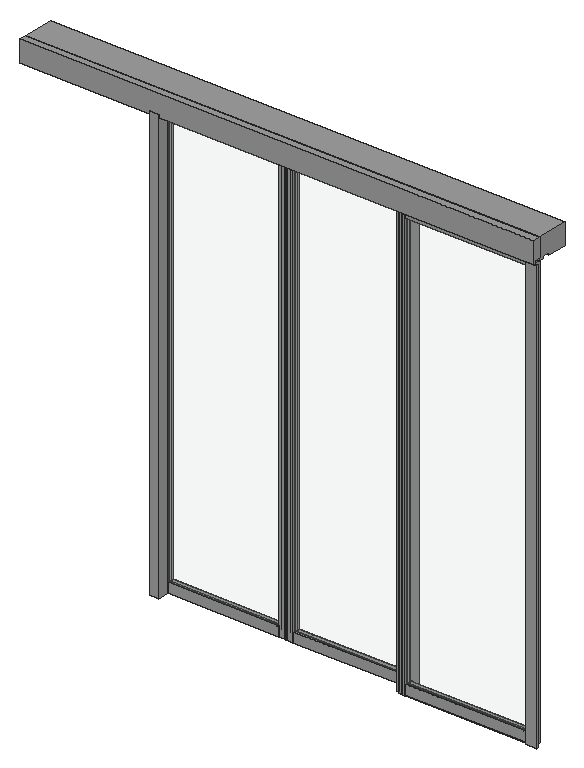
Revit family "agtatec_Record_SldngDrset_D-STA_Standalone", category Doors, Revit 2015
Parameters (values of type "D-STA 108 mm drive unit height - side panel left")
  WithoutSidePanels = and(not(RightPanel), not(LeftPanel))  # no
  WithoutDriveCladding(OnlyApplicableForTypesWithoutSidePanels) = not(WithDriveCladding)  # no
  WithinStandardSizes = and(OpeningWidth > 799.90 mm, OpeningWidth < 3000.10 mm, ClearHeightOfPassage < 3000.10 mm, ClearHeightOfPassage > 1999.90 mm)  # yes
  WithSidePanels = and(RightPanel, LeftPanel)  # no
  WithDriveCladding = yes
  Weight = "Depends on configuration and size"
  WarrantyDurationUnit = "Depends on country"
  WallOpeningWidth = if(and(RightPanel, LeftPanel), OpeningWidth + SidePanelWidthRight + SidePanelWidthLeft, if(RightPanel, OpeningWidth + SidePanelWidthRight, if(LeftPanel, OpeningWidth + SidePanelWidthLeft, OpeningWidth)))  # 1900.00 mm
  WallMountingRight = and(WallMountingProfile, RightPanel)  # no
  WallMountingProfile = yes
  WallMountingLeft = and(WallMountingProfile, LeftPanel)  # yes
  TotalWidth = if(WithSidePanels, SidePanelWidthLeft + SidePanelWidthRight + OpeningWidth, if(RightPanel, SidePanelWidthRight + OpeningWidth + 44.00 mm, if(LeftPanel, SidePanelWidthLeft + OpeningWidth + 44.00 mm, OpeningWidth + 109.00 mm)))  # 1944.00 mm
  TotalHeight = ClearHeightOfPassage + DriveUnitHeight  # 2295.00 mm
  Thickness = 0.00 mm
  SustainabilityPerformance = "n/a"
  SupportLength = SidePanelWidthLeft + SidePanelWidthRight + OpeningWidth + DriveUnitExtraWidthRight + DriveUnitExtraWidthLeft  # 2600.00 mm
  SidePanelWidthRight = OpeningWidth / 2 + 100.00 mm + ExtraRight  # 700.00 mm
  SidePanelWidthLeft = OpeningWidth / 2 + 100.00 mm + ExtraLeft  # 700.00 mm
  SidePanelMinimumStandard = InnerPanelWidth  # 632.00 mm
  ServiceLifeType = "n/a"
  SecurityRating = "None"
  RightPanel = no
  Revision = "n/a"
  ProductInformation = "www.agta-record.com"
  Process = "n/a"
  PassageMountingRight = and([PassageMountingProfile(OnlyApplicableForTypesWithTwoSidePanels)], RightPanel)  # no
  PassageMountingProfile(OnlyApplicableForTypesWithTwoSidePanels) = not(WallMountingProfile)  # no
  PassageMountingLeft = and([PassageMountingProfile(OnlyApplicableForTypesWithTwoSidePanels)], LeftPanel)  # no
  PanelHeight = ClearHeightOfPassage + 13.00 mm  # 2200.00 mm
  PanelFrames = agtatec_Record_Sliding Door, Aluminium
  PanelFill = agtatec_Record_Sliding Door, Laminated Safety Glass (Clear)
  OuterPanelWidthRight = OpeningWidth / 2 + 73.00 mm + ExtraRight  # 673.00 mm
  OuterPanelWidthLeft = OpeningWidth / 2 + 73.00 mm + ExtraLeft  # 673.00 mm
  OpeningWidth = 1200.00 mm
  Name = "SldngDrset_D-STA_Standalone_Record"
  NBSTypeID = "n/a"
  NBSReference = "25-50-20/175"
  NBSOfficeMasterTag = "n/a"
  NBSNote = "n/a"
  NBSDescription = "Sliding Doorset"
  NBSCertification = "n/a"
  ModelNumber = "n/a"
  ModelLabel = "n/a"
  MethodOfMeasurement = "n/a"
  ManufacturerName = "Record"
  LeftPanel = yes
  InterlancingProfileRight = not(and(RightPanel, (WallOpeningWidth > OpeningWidth)))  # yes
  InterlancingProfileLeft = not(and(LeftPanel, (WallOpeningWidth > OpeningWidth)))  # no
  InterlancingProfileHeight = PanelHeight - 5.00 mm  # 2195.00 mm
  InstallationDate [instance] = "1900-12-31T23:59:59"
  InnerPanelWidth = (OpeningWidth / 2) + 32.00 mm  # 632.00 mm
  IfcExportType = "Door"
  IfcExportAs = "IfcDoorStyle"
  Grade = "n/a"
  GlazingAreaFraction = "Depends on size. Can be calculated"
  FloorGuide = agtatec_Record_Sliding Door, Stainless Steel
  FireRating = "None"
  Features = "n/a"
  ExtraWidthRight = 0.00 mm
  ExtraWidthLeft = 0.00 mm
  ExtraRight = if(not(RightPanel), 0.00 mm, ExtraWidthRight)  # 0.00 mm
  ExtraLeft = if(not(LeftPanel), 0.00 mm, ExtraWidthLeft)  # 0.00 mm
  ExpectedLife = "n/a"
  DurationUnit = "year"
  DriveUnitHeight = 108.00 mm
  DriveUnitExtraWidthRight = 0.00 mm
  DriveUnitExtraWidthLeft = 0.00 mm
  DriveUnitCenterDistance = (OpeningWidth / 2) + SidePanelWidthRight + DriveUnitExtraWidthRight  # 1300.00 mm
  DriveUnit = agtatec_Record_Sliding Door, Sheet Metal (Painted Steel)
  DriveDepth2 = if([WithoutDriveCladding(OnlyApplicableForTypesWithoutSidePanels)], 0.00 mm, 37.00 mm)  # 37.00 mm
  DriveDepth = if([WithoutDriveCladding(OnlyApplicableForTypesWithoutSidePanels)], 157.00 mm, 194.00 mm)  # 194.00 mm
  DoorOpeningRestriction = if(DoorOpening > OpeningWidth, OpeningWidth, DoorOpening)  # 0.00 mm
  DoorOpening1 = DoorOpeningRestriction / 2  # 0.00 mm
  DoorOpening = 0.00 mm
  Width = TotalWidth  # 1944.00 mm
  WarrantyStartDate [instance] = "1900-12-31T23:59:59"
  WarrantyGuarantorParts = "Local door manufacturer"
  WarrantyGuarantorLabour = "Local door manufacturer"
  WarrantyDurationParts = "Depends on country"
  WarrantyDurationLabour = "Depends on country"
  WarrantyDescription = "Depends on country"
  Version = "Version 1.0"
  Uniclass2 = "Ss_25_30_20_77"
  URL = "www.agta-record.com"
  Type Comments = "n/a"
  ThresholdStripping = "No additional required, part of the doorset"
  ThresholdRequired = yes
  ThermalTransmittance = 0
  TagNumber [instance] = "n/a"
  SmokeStop = no
  Size = "n/a"
  Shape = "Rectangular"
  ServiceLifeDuration = "10-15 years"
  SerialNumber [instance] = "n/a"
  SelfClosing = yes
  Rough Width = TotalWidth + 6.00 mm  # 1950.00 mm
  Rough Height = TotalHeight + 6.00 mm  # 2301.00 mm
  ReplacementCost = "Depends on the configuration and door type"
  ReferenceStandard = "EN16005, EN16361, DIN 18650, etc."
  Reference = "n/a"
  ProductionYear = "n/a"
  PassageWidthOptions = "n/a"
  Operation = "Automatic"
  NominalWidth = SupportLength  # 2600.00 mm
  NominalLength = 0.00 mm
  NominalHeight = TotalHeight  # 2295.00 mm
  ModelReference = "Depends on the configuration"
  Model = "record Standard Linear Slider"
  Material = "Aluminium"
  ManufacturerURL = "www.agta-record.com"
  Manufacturer = "info@recorduk.co.uk"
  LeafColourOptions = "All RAL, customer specific"
  Keynote = "n/a"
  IssueDate = "n/a"
  IsExternal = yes
  Infiltration = "n/a"
  Height = TotalHeight  # 2295.00 mm
  HasDrive = yes
  HandicapAccessible = yes
  GlassType = "Part of glazing spec"
  GlassThickness2 = "6 mm (default)"
  GlassThickness1 = "6 mm (default)"
  GlassLayers = 2
  Function = Exterior
  FrameSeal = yes
  FrameProfile = "Aluminium"
  FrameMaterial = "Aluminium"
  FrameFinishOptions = "n/a"
  FireExit = no
  Finish = "Powder coated, Anodized, customer specific"
  ElectronicLock = yes
  DoorsetOperation = "Automatic"
  DoorsetFasteners = "Screws"
  DoorSeal = "yes"
  DoorNumber = "n/a"
  DoorIncluded = yes
  Documentation = "n/a"
  DocumentReference = "n/a"
  DistanceToWall = if([WithoutDriveCladding(OnlyApplicableForTypesWithoutSidePanels)], 20.00 mm, 57.00 mm)  # 57.00 mm
  Description = "Automatic Sliding Door"
  Cost = 0
  Controller = "n/a"
  Construction Type = "Automatic Sliding Door"
  Constituents = "n/a"
  Configuration = "1 or 2"
  Colour = "Customer specific"
  CodePerformance = "n/a"
  ClearanceZones = no
  ClearanceZoneRight = if(or(not(WallMountingProfile), not(RightPanel), DriveUnitExtraWidthRight > 0.00 mm), ((OpeningWidth / 2) + SidePanelWidthRight + DriveUnitExtraWidthRight), ((OpeningWidth / 2) + SidePanelWidthRight + DriveUnitExtraWidthRight + 16.00 mm))  # 1300.00 mm
  ClearanceZoneLeft = if(or(not(WallMountingProfile), not(LeftPanel), DriveUnitExtraWidthLeft > 0.00 mm), ((OpeningWidth / 2) + SidePanelWidthLeft + DriveUnitExtraWidthLeft), ((OpeningWidth / 2) + SidePanelWidthLeft + DriveUnitExtraWidthLeft + 16.00 mm))  # 1316.00 mm
  ClearHeightOfPassage = 2187.00 mm
  CladdingVoid = if(WithoutSidePanels, 8.85 mm, 40.85 mm)  # 40.85 mm
  CladdingProfile = not([WithoutDriveCladding(OnlyApplicableForTypesWithoutSidePanels)])  # yes
  CenterOfDoor = SupportLength / 2  # 1300.00 mm
  Category = "n/a"
  BreakoutFacility = "n/a"
  BarCode [instance] = "n/a"
  BIMObjectName = "agtatec_Record_SlidingDoorset_D-STA_Standalone"
  Author = "agtatec"
  AssetType = "n/a"
  AssetIdentifier [instance] = "n/a"
  Assembly Code = "B2030110"
  AntiFingerTrapRequirement = yes
  AlternativeDoorsetGlazing = "Part of glazing spec"
  AcousticRating = "None"
  AccessoryOptions = "Contact manufacturer"
  AccessibilityPerformance = "n/a"
Types (12, lengths in mm): name | WithoutSidePanels | WithSidePanels | WallOpeningWidth | WallMountingRight | WallMountingLeft | TotalWidth | TotalHeight | RightPanel | LeftPanel | InterlancingProfileRight | InterlancingProfileLeft | DriveUnitHeight | Width | Rough Width | Rough Height | NominalHeight | Height | ClearanceZoneRight | ClearanceZoneLeft | CladdingVoid
  D-STA 150 mm drive unit height - with two side panels | no | yes | 2600.00 | yes | yes | 2600.00 | 2337.00 | yes | yes | no | no | 150.00 | 2600.00 | 2606.00 | 2343.00 | 2337.00 | 2337.00 | 1316.00 | 1316.00 | 40.85
  D-STA 108 mm drive unit height - side panel left | no | no | 1900.00 | no | yes | 1944.00 | 2295.00 | no | yes | yes | no | 108.00 | 1944.00 | 1950.00 | 2301.00 | 2295.00 | 2295.00 | 1300.00 | 1316.00 | 40.85
  D-STA 108 mm drive unit height - side panel right | no | no | 1900.00 | yes | no | 1944.00 | 2295.00 | yes | no | no | yes | 108.00 | 1944.00 | 1950.00 | 2301.00 | 2295.00 | 2295.00 | 1316.00 | 1300.00 | 40.85
  D-STA 108 mm drive unit height - with two side panels | no | yes | 2600.00 | yes | yes | 2600.00 | 2295.00 | yes | yes | no | no | 108.00 | 2600.00 | 2606.00 | 2301.00 | 2295.00 | 2295.00 | 1316.00 | 1316.00 | 40.85
  D-STA 150 mm drive unit height - side panel left | no | no | 1900.00 | no | yes | 1944.00 | 2337.00 | no | yes | yes | no | 150.00 | 1944.00 | 1950.00 | 2343.00 | 2337.00 | 2337.00 | 1300.00 | 1316.00 | 40.85
  D-STA 150 mm drive unit height - side panel right | no | no | 1900.00 | yes | no | 1944.00 | 2337.00 | yes | no | no | yes | 150.00 | 1944.00 | 1950.00 | 2343.00 | 2337.00 | 2337.00 | 1316.00 | 1300.00 | 40.85
  D-STA 108 mm drive unit height - without side panels | yes | no | 1200.00 | no | no | 1309.00 | 2295.00 | no | no | yes | yes | 108.00 | 1309.00 | 1315.00 | 2301.00 | 2295.00 | 2295.00 | 1300.00 | 1300.00 | 8.85
  D-STA 150 mm drive unit height - without side panels | yes | no | 1200.00 | no | no | 1309.00 | 2337.00 | no | no | yes | yes | 150.00 | 1309.00 | 1315.00 | 2343.00 | 2337.00 | 2337.00 | 1300.00 | 1300.00 | 8.85
  D-STA 200 mm drive unit height - side panel left | no | no | 1900.00 | no | yes | 1944.00 | 2387.00 | no | yes | yes | no | 200.00 | 1944.00 | 1950.00 | 2393.00 | 2387.00 | 2387.00 | 1300.00 | 1316.00 | 40.85
  D-STA 200 mm drive unit height - side panel right | no | no | 1900.00 | yes | no | 1944.00 | 2387.00 | yes | no | no | yes | 200.00 | 1944.00 | 1950.00 | 2393.00 | 2387.00 | 2387.00 | 1316.00 | 1300.00 | 40.85
  D-STA 200 mm drive unit height - with two side panels | no | yes | 2600.00 | yes | yes | 2600.00 | 2387.00 | yes | yes | no | no | 200.00 | 2600.00 | 2606.00 | 2393.00 | 2387.00 | 2387.00 | 1316.00 | 1316.00 | 40.85
  D-STA 200 mm drive unit height - without side panels | yes | no | 1200.00 | no | no | 1309.00 | 2387.00 | no | no | yes | yes | 200.00 | 1309.00 | 1315.00 | 2393.00 | 2387.00 | 2387.00 | 1300.00 | 1300.00 | 8.85
Reference planes
  plane 1 "Center (Front/Back)": y = 0
  plane 2: z = 0
  plane 3 "Ex Center (Left/Right)": x = 0
  plane 4: x = -1260
  plane 5: x = 1260
  plane 6: y = 5
  plane 7: y = 101
  plane 8: x = 0
  plane 9: x = 0
  plane 10: x = -1300
  plane 11: x = 1300
  plane 12: z = 2295
  plane 13: z = 2187
  plane 14: z = 2545.08
  plane 15: x = 600
  plane 16: x = 612
  plane 17 "Drive Unit Center Ref": x = -1300
  plane 18: z = 2315
  plane 19: y = 302
  plane 20 "Clearance Zone Right": x = 1300
  plane 21 "Reference": z = 270
  plane 22 "2D Lines": z = 100
  plane 23: x = -632
  plane 24: y = 57
  plane 25: x = 632
  plane 26: y = 45.85
  plane 27: x = -600
  plane 28: x = -612
  plane 29: y = 194
  plane 30 "Center (Left/Right)": x = 0
  plane 31 "ClearanceZoneLeft": x = 1316
  plane 32: x = -1300
Forms (mm)
  Extrusion 1, solid, material "agtatec_Record_Sliding Door, Aluminium" <- "PanelFrames", visible <- "WallMountingRight"
    sketch origin (0, 0, 0) x (1, 0, 0) y (0, 1, 0)
      loop
        line (-1260, 3) -> (-1297, 3) -> (-1297, 38) -> (-1260, 38) -> (-1260, 40) -> (-1300, 40) -> (-1300, 4) -> (-1316, 4) -> (-1316, 0) -> (-1260, 0) -> (-1260, 3)
    from 0 to 2187
  Extrusion 2, solid, material "agtatec_Record_Sliding Door, Aluminium" <- "PanelFrames", visible <- "WallMountingLeft"
    sketch origin (0, 0, 0) x (-1, 0, 0) y (0, -1, 0)
      loop
        line (-1260, -3) -> (-1260, 0) -> (-1316, 0) -> (-1316, -4) -> (-1300, -4) -> (-1300, -40) -> (-1260, -40) -> (-1260, -38) -> (-1297, -38) -> (-1297, -3) -> (-1260, -3)
    from 0 to 2187
  Extrusion 3, solid, material "Clearance Zones", visible <- "ClearanceZones"
    sketch origin (0, 0, 0) x (0, 1, 0) y (0, 0, 1)
      loop
        line (302, 2315) -> (0, 2315) -> (0, 0) -> (302, 0) -> (302, 2315)
    from -1300 to 1316
  Extrusion 4, solid, material "agtatec_Record_Sliding Door, Aluminium" <- "PanelFrames", visible <- "PassageMountingRight"
    sketch origin (0, 0, 0) x (1, 0, 0) y (0, 1, 0)
      loop
        line (-1260, 40) -> (-1300, 40) -> (-1300, 0) -> (-1260, 0) -> (-1260, 3) -> (-1297, 3) -> (-1297, 38) -> (-1260, 38) -> (-1260, 40)
    from 0 to 2187
  Extrusion 5, solid, material "agtatec_Record_Sliding Door, Aluminium" <- "PanelFrames", visible <- "PassageMountingLeft"
    sketch origin (0, 0, 0) x (1, 0, 0) y (0, 1, 0)
      loop
        line (1260, 40) -> (1260, 38) -> (1297, 38) -> (1297, 3) -> (1260, 3) -> (1260, 0) -> (1300, 0) -> (1300, 40) -> (1260, 40)
    from 0 to 2187
  Extrusion 6, solid, material "agtatec_Record_Sliding Door, Sheet Metal (Painted Steel)" <- "DriveUnit"
    sketch origin (-1300, -4572, 3266.057) x (0, 0, 1) y (0, -1, 0)
      loop
        line (-971.057, -4609) -> (-1079.057, -4609) -> (-1079.057, -4626) -> (-1066.057, -4626) -> (-1066.057, -4668) -> (-1079.057, -4668) -> (-1079.057, -4766) -> (-971.057, -4766) -> (-971.057, -4609)
    from 0 to 2600 <- "SupportLength"
  Extrusion 7, solid, material "agtatec_Record_Sliding Door, Sheet Metal (Painted Steel)" <- "DriveUnit", visible <- "CladdingProfile"
    sketch origin (-1300, -4572, 3266.057) x (0, 0, 1) y (0, -1, 0)
      loop
        line (-971.057, -4572) -> (-1079.057, -4572) -> (-1079.057, -4609) -> (-971.057, -4609) -> (-971.057, -4572)
    from 0 to 2600 <- "SupportLength"
  Extrusion 8, void
    sketch origin (-1256.5, 45.85, 1200) x (1, 0, 0) y (0, 0, 1)
      loop
        line (-43.5, 1000) -> (-43.5, 987) -> (2556.5, 987) -> (2556.5, 1000) -> (-43.5, 1000)
    from 0 to 40.85 <- "CladdingVoid"
Cuts and joins
  Extrusion 8 cuts Extrusion 1
  Extrusion 8 cuts Extrusion 2
  Extrusion 8 cuts Extrusion 4
  Extrusion 8 cuts Extrusion 7
Lines and regions (mm)
  Masking region 1, visible <- "WallMountingLeft"
    outline origin (0, 0, 0) x (1, 0, 0) y (0, 1, 0)
      loop
        line (1260, 40) -> (1260, 38) -> (1297, 38) -> (1297, 3) -> (1260, 3) -> (1260, 0) -> (1316, 0) -> (1316, 4) -> (1300, 4) -> (1300, 40) -> (1260, 40)
  Masking region 2, visible <- "WallMountingRight"
    outline origin (0, 0, 0) x (1, 0, 0) y (0, 1, 0)
      loop
        line (-1260, 40) -> (-1300, 40) -> (-1300, 4) -> (-1316, 4) -> (-1316, 0) -> (-1260, 0) -> (-1260, 3) -> (-1297, 3) -> (-1297, 38) -> (-1260, 38) -> (-1260, 40)
  Masking region 3, visible <- "PassageMountingRight"
    outline origin (0, 0, 0) x (1, 0, 0) y (0, 1, 0)
      loop
        line (-1260, 40) -> (-1300, 40) -> (-1300, 0) -> (-1260, 0) -> (-1260, 3) -> (-1297, 3) -> (-1297, 38) -> (-1260, 38) -> (-1260, 40)
  Masking region 4, visible <- "PassageMountingLeft"
    outline origin (0, 0, 0) x (1, 0, 0) y (0, 1, 0)
      loop
        line (1260, 40) -> (1260, 38) -> (1297, 38) -> (1297, 3) -> (1260, 3) -> (1260, 0) -> (1300, 0) -> (1300, 40) -> (1260, 40)
  symbolic lines, style "Opening simbol"
    curve 1: line (175, -50, 0) -> (25, -50, 0)
    curve 2: line (175, -50, 0) -> (139.645, -14.645, 0)
    curve 3: line (175, -50, 0) -> (139.645, -85.355, 0)
    curve 4: line (-25, -50, 0) -> (-175, -50, 0)
    curve 5: line (-175, -50, 0) -> (-139.645, -14.645, 0)
    curve 6: line (-175, -50, 0) -> (-139.645, -85.355, 0)
Dimensions and locks
  locked: plane 6 to plane 1 "Center (Front/Back)" at 5
  locked: plane 1 "Center (Front/Back)" to plane 7 at 101
  equal spacing: plane 8, plane 3 "Ex Center (Left/Right)", plane 9
  locked: plane 10 to plane 4 at 40
  locked: plane 5 to plane 11 at 40
  "DriveUnitHeight": plane 12 to plane 13
  locked: plane 14 to plane 13 at 358.08
  locked: plane 15 to plane 16 at 12
  "SidePanelWidthLeft": plane 15 to plane 11
  "ClearHeightOfPassage": plane 13 to plane 2
  "DriveUnitCenterDistance": plane 3 "Ex Center (Left/Right)" to plane 17 "Drive Unit Center Ref"
  locked: plane 18 to plane 12 at 20
  "SupportLength": plane 17 "Drive Unit Center Ref" to plane 20 "Clearance Zone Right"
  "DoorOpeningRestriction": plane 8 to plane 9
  "InnerPanelWidth": plane 23 to plane 8
  "InnerPanelWidth": plane 9 to plane 25
  "DistanceToWall": plane 24 to plane 1 "Center (Front/Back)"
  locked: plane 24 to nested 6 at 20
  plane 26 to plane 1 "Center (Front/Back)" = 45.85 mm
  locked: plane 28 to plane 27 at 12
  equal spacing: plane 27, plane 3 "Ex Center (Left/Right)", plane 15
  "SidePanelWidthRight": plane 10 to plane 27
  "OpeningWidth": plane 27 to plane 15
  "DriveDepth": plane 1 "Center (Front/Back)" to plane 29
  "DriveUnitHeight": plane 29 to plane 19
  locked: plane 24 to nested 5 at 20
  locked: Extrusion 6 sketch curve to plane 29 at 98
  "DriveDepth2": plane 1 "Center (Front/Back)" to Extrusion 6 sketch curve
  "SupportLength": Extrusion 8 sketch curve to plane 17 "Drive Unit Center Ref"
  "CenterOfDoor": plane 17 "Drive Unit Center Ref" to plane 30 "Center (Left/Right)"
  "ClearanceZoneLeft": plane 3 "Ex Center (Left/Right)" to plane 31 "ClearanceZoneLeft"
  "ClearanceZoneRight": plane 32 to plane 3 "Ex Center (Left/Right)"
  aligned and locked: level to plane 2
  aligned and locked: nested 1 to plane 6
  aligned and locked: plane 13 to Extrusion 2
  aligned and locked: plane 13 to Extrusion 1
  aligned and locked: plane 19 to Extrusion 3 sketch curve
  aligned and locked: Extrusion 3 sketch curve to plane 18
  aligned and locked: nested 4 to plane 23
  aligned and locked: plane 24 to nested 4
  aligned and locked: plane 23 to nested 3
  aligned and locked: nested 3 to plane 24
  aligned and locked: plane 28 to nested 6
  aligned and locked: plane 16 to nested 1
  aligned and locked: nested 5 to plane 15
  aligned and locked: plane 13 to Extrusion 4
  aligned and locked: plane 13 to Extrusion 5
  aligned and locked: plane 13 to Extrusion 6 sketch curve
  aligned and locked: Extrusion 6 sketch curve to plane 12
  aligned and locked: plane 29 to Extrusion 6 sketch curve
  aligned and locked: plane 25 to nested 2
  aligned and locked: plane 9 to nested 7
  aligned and locked: nested 7 to plane 24
  aligned and locked: plane 24 to nested 2
  aligned and locked: nested 8 to plane 28
  aligned and locked: Extrusion 7 sketch curve to plane 12
  aligned and locked: Extrusion 7 sketch curve to plane 1 "Center (Front/Back)"
  aligned and locked: plane 17 "Drive Unit Center Ref" to Extrusion 8 sketch curve
  aligned and locked: plane 13 to Extrusion 8 sketch curve
  aligned and locked: plane 31 "ClearanceZoneLeft" to Extrusion 3
  aligned and locked: Extrusion 3 to plane 32
Automatic sketch dimensions
  Extrusion 3 sketch curve to level = 0.00 mm
  Extrusion 3 sketch curve to plane 1 "Center (Front/Back)" = 0.00 mm
  plane 1 "Center (Front/Back)" to curve 5 = 14.645 mm
  curve 5 to curve 6 = 0.00 mm
  curve 4 to curve 5 = 35.355 mm
  plane 1 "Center (Front/Back)" to curve 2 = 14.645 mm
  curve 3 to curve 2 = 0.00 mm
  plane 1 "Center (Front/Back)" to curve 2 = 50.00 mm
  curve 2 to curve 2 = 35.355 mm
  curve 6 to curve 5 = 35.355 mm
  curve 1 to curve 2 = 114.645 mm
  curve 6 to curve 4 = 114.645 mm
  plane 3 "Ex Center (Left/Right)" to curve 1 = 25.00 mm
  curve 4 to plane 3 "Ex Center (Left/Right)" = 25.00 mm
  plane 1 "Center (Front/Back)" to Extrusion 2 sketch curve = 0.00 mm
  plane 6 to Extrusion 2 sketch curve = 1.00 mm
  Extrusion 2 sketch curve to plane 11 = 16.00 mm
  plane 11 to Extrusion 2 sketch curve = 0.00 mm
  Extrusion 2 sketch curve to Extrusion 2 sketch curve = 3.00 mm
  plane 6 to Extrusion 2 sketch curve = 2.00 mm
  Extrusion 2 sketch curve to Extrusion 2 sketch curve = 2.00 mm
  plane 26 to Extrusion 2 sketch curve = 5.85 mm
  plane 1 "Center (Front/Back)" to Masking region 1 sketch curve = 0.00 mm
  Masking region 1 sketch curve to plane 11 = 0.00 mm
  Masking region 1 sketch curve to Masking region 1 sketch curve = 3.00 mm
  Masking region 1 sketch curve to plane 6 = 2.00 mm
  Masking region 1 sketch curve to plane 26 = 7.85 mm
  Masking region 1 sketch curve to plane 6 = 1.00 mm
  plane 11 to Masking region 1 sketch curve = 16.00 mm
  Masking region 1 sketch curve to Masking region 1 sketch curve = 2.00 mm
  plane 1 "Center (Front/Back)" to Masking region 2 sketch curve = 0.00 mm
  Masking region 2 sketch curve to plane 6 = 1.00 mm
  Masking region 2 sketch curve to Masking region 2 sketch curve = 3.00 mm
  Masking region 2 sketch curve to plane 26 = 7.85 mm
  Masking region 2 sketch curve to plane 6 = 2.00 mm
  Masking region 2 sketch curve to Masking region 2 sketch curve = 2.00 mm
  plane 10 to Masking region 2 sketch curve = 0.00 mm
  Masking region 2 sketch curve to plane 10 = 16.00 mm
  plane 4 to Masking region 2 sketch curve = 0.00 mm  (x2)
  plane 5 to Extrusion 2 sketch curve = 0.00 mm  (x2)
  Masking region 1 sketch curve to plane 5 = 0.00 mm  (x2)
  Extrusion 1 sketch curve to plane 10 = 0.00 mm
  plane 1 "Center (Front/Back)" to Extrusion 1 sketch curve = 0.00 mm
  Extrusion 1 sketch curve to plane 10 = 16.00 mm
  Extrusion 1 sketch curve to plane 4 = 0.00 mm  (x2)
  plane 10 to Extrusion 1 sketch curve = 3.00 mm
  Extrusion 1 sketch curve to plane 6 = 2.00 mm
  Extrusion 1 sketch curve to plane 6 = 1.00 mm
  Extrusion 1 sketch curve to plane 26 = 7.85 mm
  Extrusion 1 sketch curve to Extrusion 1 sketch curve = 2.00 mm
  Extrusion 4 sketch curve to plane 10 = 0.00 mm
  Extrusion 4 sketch curve to plane 4 = 0.00 mm  (x2)
  plane 1 "Center (Front/Back)" to Extrusion 4 sketch curve = 0.00 mm
  plane 10 to Extrusion 4 sketch curve = 3.00 mm
  Extrusion 4 sketch curve to plane 6 = 2.00 mm
  Extrusion 4 sketch curve to plane 26 = 7.85 mm
  Extrusion 4 sketch curve to Extrusion 4 sketch curve = 2.00 mm
  Extrusion 5 sketch curve to plane 5 = 0.00 mm  (x2)
  Extrusion 5 sketch curve to plane 11 = 0.00 mm
  plane 1 "Center (Front/Back)" to Extrusion 5 sketch curve = 0.00 mm
  Extrusion 5 sketch curve to plane 11 = 3.00 mm
  Extrusion 5 sketch curve to plane 6 = 2.00 mm
  Extrusion 5 sketch curve to plane 26 = 7.85 mm
  Extrusion 5 sketch curve to Extrusion 5 sketch curve = 2.00 mm
  Masking region 3 sketch curve to plane 10 = 0.00 mm
  Masking region 3 sketch curve to plane 4 = 0.00 mm  (x2)
  plane 1 "Center (Front/Back)" to Masking region 3 sketch curve = 0.00 mm
  plane 10 to Masking region 3 sketch curve = 3.00 mm
  Masking region 3 sketch curve to plane 6 = 2.00 mm
  Masking region 3 sketch curve to plane 26 = 7.85 mm
  Masking region 3 sketch curve to Masking region 3 sketch curve = 2.00 mm
  Masking region 4 sketch curve to plane 5 = 0.00 mm  (x2)
  Masking region 4 sketch curve to plane 11 = 0.00 mm
  plane 1 "Center (Front/Back)" to Masking region 4 sketch curve = 0.00 mm
  Masking region 4 sketch curve to plane 11 = 3.00 mm
  Masking region 4 sketch curve to plane 6 = 2.00 mm
  Masking region 4 sketch curve to plane 26 = 7.85 mm
  Masking region 4 sketch curve to Masking region 4 sketch curve = 2.00 mm
  Extrusion 7 sketch curve to plane 13 = 0.00 mm
  Extrusion 7 sketch curve to plane 26 = 8.85 mm
  Extrusion 6 sketch curve to plane 13 = 0.00 mm
  Extrusion 6 sketch curve to plane 24 = 3.00 mm
  plane 13 to Extrusion 6 sketch curve = 13.00 mm
  Extrusion 8 sketch curve to Extrusion 8 sketch curve = 13.00 mm
Nested families
  nested 1: "Outer Panel" at (612, 5, 0), visible <- "LeftPanel", type "Left Panel"
  nested 2: "Interlacing profile - Inner" at (632, 57, 5) x (0, -1, 0) z (0, 0, 1), type "Left"
  nested 3: "Interlacing profile - Inner" at (-632, 57, 5) x (0, -1, 0) z (0, 0, 1), type "Right"
    with Side Panel no, Interlacing profile 4 yes, Interlacing profile 1 no
  nested 4: "Inner Panel" at (0, 57, 0) x (-1, 0, 0) z (0, 0, 1), type "Inner Panel"
  nested 5: "Interlacing profile - Outer" at (612, 37, 5) x (0, 1, 0) z (0, 0, 1), type "Left"
    with Side Panel yes, Interlacing profile 2 no, Interlacing profile 1 yes
  nested 6: "Interlacing profile - Outer" at (-612, 37, 5) x (0, 1, 0) z (0, 0, 1), type "Right"
  nested 7: "Inner Panel" at (0, 57, 0), type "Inner Panel"
  nested 8: "Outer Panel" at (-612, 37, 0) x (-1, 0, 0) z (0, 0, 1), visible <- "RightPanel", type "Right Panel"
    with Right Panel yes, Left Panel no
Definition of nested family "Outer Panel"
  Parameters
    Right Panel = no
    Panel Height = 2200.00 mm
    Panel Glass = none
    Panel Frames = none
    Outer Panel Width = 673.00 mm
    Left Panel = yes
  Reference planes
    plane 1 "Center (Front/Back)": y = 0
    plane 2: z = 0
    plane 3 "Center (Left/Right)": x = 0
    plane 4: x = 673
    plane 5: z = 2200
    plane 6: x = 641
    plane 7: x = 32
    plane 8: z = 2181
    plane 9 "Above": z = 42
    plane 10: x = 654.5
    plane 11: x = 18.5
    plane 12: y = 32
    plane 13: x = 10
  Forms (mm)
    Extrusion 1, solid, material <- "Panel Frames"
      sketch origin (0, 0, 0) x (1, 0, 0) y (0, 1, 0)
        loop
          line (0, 0) -> (32, 0) -> (32, 2.5) -> (16, 2.5) -> (16, 29.5) -> (32, 29.5) -> (32, 32) -> (0, 32) -> (0, 0)
      from 0 to 2200
    Extrusion 2, solid, material <- "Panel Frames"
      sketch origin (591.5, 0, 0) x (-1, 0, 0) y (0, -1, 0)
        loop
          line (-81.5, 0) -> (-81.5, -32) -> (-49.5, -32) -> (-49.5, -29.5) -> (-65.5, -29.5) -> (-65.5, -2.5) -> (-49.5, -2.5) -> (-49.5, 0) -> (-81.5, 0)
      from 0 to 2200
    Extrusion 3, solid, material <- "Panel Frames"
      sketch origin (75, 0, 0) x (0, 1, 0) y (0, 0, 1)
        loop
          line (0, 2200) -> (0, 2168) -> (2.5, 2168) -> (2.5, 2184) -> (29.5, 2184) -> (29.5, 2168) -> (32, 2168) -> (32, 2200) -> (0, 2200)
      from -43 to 566
    Extrusion 4, solid, material <- "Panel Glass"
      sketch origin (0, 0, 0) x (1, 0, 0) y (0, 1, 0)
        loop
          line (18.5, 28) -> (18.5, 4) -> (654.5, 4) -> (654.5, 28) -> (18.5, 28)
      from 42 to 2181
    Extrusion 5, solid, material <- "Panel Frames"
      sketch origin (20, 0, 0) x (0, 1, 0) y (0, 0, 1)
        loop
          line (0, 5) -> (3.25, 5) -> (3.25, 0) -> (28.75, 0) -> (28.75, 5) -> (32, 5) -> (32, 55) -> (29.5, 55) -> (29.5, 39) -> (2.5, 39) -> (2.5, 55) -> (0, 55) -> (0, 5)
      from 12 to 621
  Lines and regions (mm)
    Masking region 1
      outline origin (0, 0, 0) x (1, 0, 0) y (0, 1, 0)
        loop
          line (0, 32) -> (0, 0) -> (10, 0) -> (673, 0) -> (673, 32) -> (10, 32) -> (0, 32)
    symbolic lines, detail levels medium+fine
      curve 1: line (641, 32, 42) -> (641, 29.5, 42)
      curve 2: line (32, 32, 42) -> (32, 29.5, 42)
      curve 18: line (641, 2.5, 42) -> (641, 0, 42)
      curve 20: line (32, 2.5, 42) -> (32, 0, 42)
    symbolic lines, detail levels fine
      curve 3: line (32, 28, 42) -> (641, 28, 42)
      curve 4: line (32, 4, 42) -> (641, 4, 42)
      curve 5: line (641, 29.5, 42) -> (657, 29.5, 42)
      curve 6: line (657, 29.5, 42) -> (657, 2.5, 42)
      curve 7: line (657, 2.5, 42) -> (641, 2.5, 42)
      curve 8: line (641, 28, 42) -> (654.5, 28, 42)
      curve 9: line (654.5, 28, 42) -> (654.5, 4, 42)
      curve 10: line (654.5, 4, 42) -> (641, 4, 42)
      curve 11: line (32, 29.5, 42) -> (16, 29.5, 42)
      curve 12: line (16, 29.5, 42) -> (16, 2.5, 42)
      curve 13: line (16, 2.5, 42) -> (32, 2.5, 42)
      curve 14: line (32, 4, 42) -> (18.5, 4, 42)
      curve 15: line (18.5, 4, 42) -> (18.5, 28, 42)
      curve 16: line (18.5, 28, 42) -> (32, 28, 42)
    symbolic lines, detail levels medium
      curve 17: line (641, 29.5, 42) -> (641, 2.5, 42)
      curve 19: line (32, 29.5, 42) -> (32, 2.5, 42)
    symbolic lines, visible <- "Right Panel"
      curve 21: line (0, 32, 42) -> (10, 32, 42)
    symbolic lines, visible <- "Left Panel"
      curve 22: line (10, 0, 42) -> (0, 0, 42)
  Dimensions and locks
    "Panel Height": plane 5 to plane 2
    locked: plane 7 to plane 3 "Center (Left/Right)" at 32
    locked: plane 6 to plane 4 at 32
    locked: plane 5 to plane 8 at 19
    locked: plane 9 "Above" to level at 42
    locked: plane 4 to plane 10 at 18.5
    locked: plane 11 to plane 3 "Center (Left/Right)" at 18.5
    "Outer Panel Width": plane 4 to plane 3 "Center (Left/Right)"
    locked: plane 3 "Center (Left/Right)" to plane 13 at 10
    aligned and locked: plane 2 to level
    aligned and locked: plane 5 to Extrusion 2
    aligned and locked: plane 5 to Extrusion 1
    aligned and locked: Extrusion 3 to plane 7
    aligned and locked: Extrusion 3 to plane 6
    aligned and locked: plane 8 to Extrusion 4
    aligned and locked: Extrusion 4 to plane 9 "Above"
    aligned and locked: Extrusion 4 to plane 10
    aligned and locked: Extrusion 4 to plane 11
    aligned and locked: Extrusion 1 to level
    aligned and locked: Extrusion 2 to level
    aligned and locked: Extrusion 5 to plane 6
    aligned and locked: Extrusion 5 to plane 7
    aligned and locked: Masking region 1 sketch curve to plane 4
    aligned and locked: plane 13 to Masking region 1 sketch curve  (x2)
  Automatic sketch dimensions
    Extrusion 1 sketch curve to plane 3 "Center (Left/Right)" = 0.00 mm
    Extrusion 1 sketch curve to plane 7 = 0.00 mm  (x2)
    plane 1 "Center (Front/Back)" to Extrusion 1 sketch curve = 0.00 mm
    Extrusion 1 sketch curve to plane 11 = 2.50 mm
    Extrusion 1 sketch curve to Extrusion 1 sketch curve = 2.50 mm  (x2)
    Extrusion 1 sketch curve to Extrusion 1 sketch curve = 27.00 mm
    Extrusion 2 sketch curve to plane 4 = 0.00 mm
    Extrusion 2 sketch curve to plane 6 = 0.00 mm  (x2)
    plane 1 "Center (Front/Back)" to Extrusion 2 sketch curve = 0.00 mm
    plane 10 to Extrusion 2 sketch curve = 2.50 mm
    Extrusion 2 sketch curve to Extrusion 2 sketch curve = 2.50 mm  (x2)
    Extrusion 2 sketch curve to Extrusion 2 sketch curve = 27.00 mm
    Extrusion 3 sketch curve to plane 1 "Center (Front/Back)" = 0.00 mm
    Extrusion 3 sketch curve to plane 5 = 0.00 mm
    Extrusion 3 sketch curve to plane 1 "Center (Front/Back)" = 2.50 mm
    plane 8 to Extrusion 3 sketch curve = 3.00 mm
    Extrusion 3 sketch curve to Extrusion 3 sketch curve = 27.00 mm
    Extrusion 3 sketch curve to Extrusion 3 sketch curve = 2.50 mm
    Extrusion 3 sketch curve to plane 8 = 13.00 mm  (x2)
    Extrusion 4 sketch curve to plane 11 = 0.00 mm
    Extrusion 4 sketch curve to plane 10 = 0.00 mm
    Extrusion 4 sketch curve to plane 1 "Center (Front/Back)" = 4.00 mm
    Extrusion 4 sketch curve to Extrusion 4 sketch curve = 24.00 mm
    Extrusion 5 sketch curve to plane 1 "Center (Front/Back)" = 0.00 mm
    Extrusion 5 sketch curve to level = 0.00 mm
    Extrusion 5 sketch curve to plane 1 "Center (Front/Back)" = 3.25 mm
    Extrusion 5 sketch curve to plane 1 "Center (Front/Back)" = 2.50 mm
    level to Extrusion 5 sketch curve = 5.00 mm
    Extrusion 5 sketch curve to Extrusion 5 sketch curve = 25.50 mm
    plane 9 "Above" to Extrusion 5 sketch curve = 13.00 mm  (x2)
    Extrusion 5 sketch curve to Extrusion 5 sketch curve = 27.00 mm
    Extrusion 5 sketch curve to Extrusion 5 sketch curve = 2.50 mm
    Extrusion 5 sketch curve to Extrusion 5 sketch curve = 5.00 mm
    Extrusion 5 sketch curve to plane 9 "Above" = 3.00 mm
    plane 1 "Center (Front/Back)" to Masking region 1 sketch curve = 0.00 mm
    Masking region 1 sketch curve to plane 3 "Center (Left/Right)" = 0.00 mm
    Masking region 1 sketch curve to plane 12 = 0.00 mm
    curve 9 to plane 10 = 0.00 mm
    curve 5 to plane 6 = 0.00 mm
    curve 3 to plane 6 = 0.00 mm
    curve 11 to plane 7 = 0.00 mm
    curve 3 to plane 7 = 0.00 mm
    curve 15 to plane 11 = 0.00 mm
    curve 21 to plane 12 = 0.00 mm
    curve 21 to plane 13 = 0.00 mm
    plane 1 "Center (Front/Back)" to curve 22 = 0.00 mm
    curve 22 to plane 13 = 0.00 mm
    curve 22 to plane 3 "Center (Left/Right)" = 0.00 mm
    curve 21 to plane 3 "Center (Left/Right)" = 0.00 mm
    curve 2 to plane 12 = 0.00 mm
    curve 1 to plane 12 = 0.00 mm
    plane 1 "Center (Front/Back)" to curve 18 = 0.00 mm
    plane 1 "Center (Front/Back)" to curve 20 = 0.00 mm
    curve 5 to plane 10 = 2.50 mm
    curve 12 to plane 11 = 2.50 mm
    curve 2 to curve 2 = 2.50 mm
    curve 1 to plane 12 = 2.50 mm
    curve 1 to curve 8 = 1.50 mm
    curve 10 to plane 1 "Center (Front/Back)" = 4.00 mm
    curve 4 to plane 1 "Center (Front/Back)" = 4.00 mm
    curve 14 to curve 4 = 0.00 mm
    curve 4 to curve 7 = 1.50 mm
    curve 14 to curve 13 = 1.50 mm
Definition of nested family "Interlacing profile - Inner"
  Parameters
    Wall Mounting Option 2 = no
    Side Panel = yes
    Panel Frames = none
    Interlancing Profile Height = 2195.00 mm
    Interlacing profile 5 = and(Wall Mounting Option 2, not(Side Panel))  # no
    Interlacing profile 4 = and(not(Wall Mounting Option 2), not(Side Panel))  # no
    Interlacing profile 1 = Side Panel  # yes
  Reference planes
    plane 1 "Center (Front/Back)": y = 0
    plane 2: z = 0
    plane 3 "Center (Left/Right)": x = 0
    plane 4: z = 2195
    plane 5 "Above": z = 40
    plane 6: y = -12
  Forms (mm)
    Extrusion 1, solid, material <- "Panel Frames", visible <- "Interlacing profile 1"
      sketch origin (0, 0, 0) x (1, 0, 0) y (0, 1, 0)
        loop
          line (0, 0) -> (-32, 0) -> (-32, -12) -> (17, -12) -> (17, 10) -> (0, 10) -> (0, 0)
      from 0 to 2195
    Extrusion 2, solid, material <- "Panel Frames", visible <- "Interlacing profile 4"
      sketch origin (0, 0, 0) x (1, 0, 0) y (0, 1, 0)
        loop
          line (0, 0) -> (-32, 0) -> (-32, -12) -> (49, -12) -> (49, -10) -> (12, -10) -> (12, 10) -> (0, 10) -> (0, 0)
      from 0 to 2195
    Extrusion 3, solid, material <- "Panel Frames", visible <- "Interlacing profile 5"
      sketch origin (0, 0, 0) x (1, 0, 0) y (0, 1, 0)
        loop
          line (0, 0) -> (-32, 0) -> (-32, -12) -> (12, -12) -> (12, 10) -> (0, 10) -> (0, 0)
      from 0 to 2195
  Lines and regions (mm)
    Masking region 1, visible <- "Interlacing profile 1"
      outline origin (0, 0, 0) x (1, 0, 0) y (0, 1, 0)
        loop
          line (0, 10) -> (0, 0) -> (-32, 0) -> (-32, -12) -> (17, -12) -> (17, 10) -> (0, 10)
    Masking region 2, visible <- "Interlacing profile 4"
      outline origin (0, 0, 0) x (1, 0, 0) y (0, 1, 0)
        loop
          line (0, 0) -> (-32, 0) -> (-32, -12) -> (49, -12) -> (49, -10) -> (12, -10) -> (12, 10) -> (0, 10) -> (0, 0)
    Masking region 3, visible <- "Interlacing profile 5"
      outline origin (0, 0, 0) x (1, 0, 0) y (0, 1, 0)
        loop
          line (12, -12) -> (12, 10) -> (0, 10) -> (0, 0) -> (-32, 0) -> (-32, -12) -> (12, -12)
    symbolic lines, detail levels medium+fine
      curve 1: line (0, 10, 40) -> (0, 0, 40)
      curve 2: line (0, 0, 40) -> (-32, 0, 40)
  Dimensions and locks
    "Interlancing Profile Height": plane 4 to level
    aligned and locked: plane 4 to Extrusion 1
    aligned and locked: Extrusion 1 to plane 6
    aligned and locked: plane 4 to Extrusion 2
    aligned and locked: plane 4 to Extrusion 3
  Automatic sketch dimensions
    plane 1 "Center (Front/Back)" to Extrusion 1 sketch curve = 0.00 mm
    Extrusion 1 sketch curve to plane 3 "Center (Left/Right)" = 0.00 mm
    plane 1 "Center (Front/Back)" to Extrusion 1 sketch curve = 12.00 mm
    Extrusion 1 sketch curve to plane 3 "Center (Left/Right)" = 32.00 mm
    plane 3 "Center (Left/Right)" to Extrusion 1 sketch curve = 17.00 mm
    Extrusion 1 sketch curve to plane 1 "Center (Front/Back)" = 10.00 mm
    plane 1 "Center (Front/Back)" to Masking region 1 sketch curve = 0.00 mm
    Masking region 1 sketch curve to plane 3 "Center (Left/Right)" = 0.00 mm
    plane 1 "Center (Front/Back)" to Masking region 1 sketch curve = 12.00 mm
    Masking region 1 sketch curve to plane 3 "Center (Left/Right)" = 32.00 mm
    Masking region 1 sketch curve to Masking region 1 sketch curve = 17.00 mm
    Masking region 1 sketch curve to Masking region 1 sketch curve = 10.00 mm
    plane 1 "Center (Front/Back)" to Extrusion 2 sketch curve = 0.00 mm
    Extrusion 2 sketch curve to plane 3 "Center (Left/Right)" = 0.00 mm
    plane 6 to Extrusion 2 sketch curve = 0.00 mm
    Extrusion 2 sketch curve to plane 3 "Center (Left/Right)" = 32.00 mm
    plane 3 "Center (Left/Right)" to Extrusion 2 sketch curve = 12.00 mm
    plane 6 to Extrusion 2 sketch curve = 2.00 mm
    Extrusion 2 sketch curve to Extrusion 2 sketch curve = 37.00 mm
    Extrusion 2 sketch curve to plane 1 "Center (Front/Back)" = 10.00 mm
    Extrusion 3 sketch curve to plane 6 = 0.00 mm
    plane 1 "Center (Front/Back)" to Extrusion 3 sketch curve = 0.00 mm
    Extrusion 3 sketch curve to plane 3 "Center (Left/Right)" = 0.00 mm
    Extrusion 3 sketch curve to plane 3 "Center (Left/Right)" = 32.00 mm
    Extrusion 3 sketch curve to Extrusion 3 sketch curve = 12.00 mm
    Extrusion 3 sketch curve to plane 1 "Center (Front/Back)" = 10.00 mm
    Masking region 2 sketch curve to plane 6 = 0.00 mm
    plane 1 "Center (Front/Back)" to Masking region 2 sketch curve = 0.00 mm
    Masking region 2 sketch curve to plane 3 "Center (Left/Right)" = 0.00 mm
    Masking region 2 sketch curve to plane 3 "Center (Left/Right)" = 32.00 mm
    plane 3 "Center (Left/Right)" to Masking region 2 sketch curve = 12.00 mm
    Masking region 2 sketch curve to Masking region 2 sketch curve = 37.00 mm
    plane 6 to Masking region 2 sketch curve = 2.00 mm
    Masking region 2 sketch curve to plane 1 "Center (Front/Back)" = 10.00 mm
    plane 1 "Center (Front/Back)" to Masking region 3 sketch curve = 0.00 mm
    Masking region 3 sketch curve to plane 6 = 0.00 mm
    Masking region 3 sketch curve to plane 3 "Center (Left/Right)" = 0.00 mm
    Masking region 3 sketch curve to plane 3 "Center (Left/Right)" = 32.00 mm
    plane 3 "Center (Left/Right)" to Masking region 3 sketch curve = 12.00 mm
    Masking region 3 sketch curve to plane 1 "Center (Front/Back)" = 10.00 mm
    plane 1 "Center (Front/Back)" to curve 1 = 0.00 mm
    curve 1 to plane 3 "Center (Left/Right)" = 0.00 mm
    curve 2 to plane 3 "Center (Left/Right)" = 32.00 mm
    curve 1 to plane 1 "Center (Front/Back)" = 10.00 mm
Definition of nested family "Inner Panel"
  Parameters
    Panel Height = 2200.00 mm
    Panel Glass = none
    Panel Frames = none
    Inner Panel Width = 632.00 mm
  Reference planes
    plane 1 "Center (Front/Back)": y = 0
    plane 2: z = 0
    plane 3 "Center (Left/Right)": x = 0
    plane 4: x = 632
    plane 5: z = 2200
    plane 6: x = 600
    plane 7: x = 37
    plane 8: z = 2181
    plane 9 "Above": z = 42
    plane 10: x = 613.5
    plane 11: x = 23.5
    plane 12: z = 5
    plane 13: x = 622
    plane 14: x = 5
  Forms (mm)
    Extrusion 1, solid, material <- "Panel Frames"
      sketch origin (0, 0, 0) x (1, 0, 0) y (0, 1, 0)
        loop
          line (5, 0) -> (37, 0) -> (37, 2.5) -> (21, 2.5) -> (21, 29.5) -> (37, 29.5) -> (37, 32) -> (5, 32) -> (5, 0)
      from 5 to 2200
    Extrusion 2, solid, material <- "Panel Frames"
      sketch origin (591.5, 0, 0) x (-1, 0, 0) y (0, -1, 0)
        loop
          line (-40.5, 0) -> (-40.5, -32) -> (-8.5, -32) -> (-8.5, -29.5) -> (-24.5, -29.5) -> (-24.5, -2.5) -> (-8.5, -2.5) -> (-8.5, 0) -> (-40.5, 0)
      from 5 to 2200
    Extrusion 3, solid, material <- "Panel Frames"
      sketch origin (-55, 0, 0) x (0, 1, 0) y (0, 0, 1)
        loop
          line (0, 5) -> (14.65, 5) -> (14.65, 26) -> (17.35, 26) -> (17.35, 5) -> (32, 5) -> (32, 55) -> (29.5, 55) -> (29.5, 39) -> (2.5, 39) -> (2.5, 55) -> (0, 55) -> (0, 5)
      from 92 to 655
    Extrusion 4, solid, material <- "Panel Frames"
      sketch origin (75, 0, 0) x (0, 1, 0) y (0, 0, 1)
        loop
          line (0, 2200) -> (0, 2168) -> (2.5, 2168) -> (2.5, 2184) -> (29.5, 2184) -> (29.5, 2168) -> (32, 2168) -> (32, 2200) -> (0, 2200)
      from -38 to 525
    Extrusion 5, solid, material <- "Panel Glass"
      sketch origin (0, 0, 0) x (1, 0, 0) y (0, 1, 0)
        loop
          line (23.5, 28) -> (23.5, 4) -> (613.5, 4) -> (613.5, 28) -> (23.5, 28)
      from 42 to 2181
    Extrusion 6, solid, material <- "Panel Frames"
      sketch origin (0, 0, 0) x (1, 0, 0) y (0, 1, 0)
        loop
          line (0, 32) -> (0, 0) -> (5, 0) -> (5, 32) -> (0, 32)
      from 5 to 2200
  Lines and regions (mm)
    Masking region 1
      outline origin (0, 0, 0) x (1, 0, 0) y (0, 1, 0)
        loop
          line (632, 32) -> (0, 32) -> (0, 0) -> (622, 0) -> (632, 0) -> (632, 32)
    symbolic lines, detail levels fine
      curve 1: line (37, 28, 42) -> (600, 28, 42)
      curve 2: line (37, 4, 42) -> (600, 4, 42)
      curve 6: line (600, 29.5, 42) -> (616, 29.5, 42)
      curve 7: line (616, 29.5, 42) -> (616, 2.5, 42)
      curve 8: line (616, 2.5, 42) -> (600, 2.5, 42)
      curve 9: line (600, 4, 42) -> (613.5, 4, 42)
      curve 10: line (613.5, 4, 42) -> (613.5, 28, 42)
      curve 11: line (613.5, 28, 42) -> (600, 28, 42)
      curve 12: line (37, 29.5, 42) -> (21, 29.5, 42)
      curve 13: line (21, 29.5, 42) -> (21, 2.5, 42)
      curve 14: line (21, 2.5, 42) -> (37, 2.5, 42)
      curve 15: line (37, 4, 42) -> (23.5, 4, 42)
      curve 16: line (23.5, 4, 42) -> (23.5, 28, 42)
      curve 17: line (23.5, 28, 42) -> (37, 28, 42)
    symbolic lines, detail levels medium+fine
      curve 3: line (37, 32, 42) -> (37, 29.5, 42)
      curve 4: line (600, 0, 42) -> (600, 2.5, 42)
      curve 18: line (600, 29.5, 42) -> (600, 32, 42)
      curve 21: line (37, 2.5, 42) -> (37, 0, 42)
    symbolic lines
      curve 5: line (5, 32, 42) -> (5, 0, 42)
      curve 22: line (600, 0, 1084) -> (564.645, 0, 1119.355)
      curve 23: line (600, 0, 1084) -> (564.645, 0, 1048.645)
      curve 24: line (37, 0, 1084) -> (600, 0, 1084)
    symbolic lines, detail levels medium
      curve 19: line (600, 2.5, 42) -> (600, 29.5, 42)
      curve 20: line (37, 29.5, 42) -> (37, 2.5, 42)
  Dimensions and locks
    "Panel Height": plane 5 to plane 2
    "Inner Panel Width": plane 4 to plane 3 "Center (Left/Right)"
    locked: plane 7 to plane 3 "Center (Left/Right)" at 37
    locked: plane 6 to plane 4 at 32
    locked: plane 5 to plane 8 at 19
    locked: plane 9 "Above" to level at 42
    locked: plane 4 to plane 10 at 18.5
    locked: plane 11 to plane 3 "Center (Left/Right)" at 23.5
    locked: plane 13 to plane 4 at 10
    locked: plane 14 to plane 3 "Center (Left/Right)" at 5
    equal spacing: Extrusion 4, curve 24, level
    aligned and locked: plane 2 to level
    aligned and locked: plane 5 to Extrusion 2
    aligned and locked: plane 5 to Extrusion 1
    aligned and locked: Extrusion 1 to Extrusion 2
    aligned and locked: Extrusion 4 to plane 7
    aligned and locked: Extrusion 4 to plane 6
    aligned and locked: Extrusion 3 to plane 7
    aligned and locked: Extrusion 3 to plane 6
    aligned and locked: plane 8 to Extrusion 5
    aligned and locked: Extrusion 5 to plane 9 "Above"
    aligned and locked: Extrusion 5 to plane 10
    aligned and locked: Extrusion 5 to plane 11
    aligned and locked: Extrusion 1 to Extrusion 3
    aligned and locked: Extrusion 3 to Extrusion 2
    aligned and locked: Masking region 1 sketch curve to plane 4
    aligned and locked: Masking region 1 sketch curve to plane 3 "Center (Left/Right)"
    aligned and locked: curve 4 to plane 6
    aligned and locked: curve 3 to plane 7
    aligned and locked: Masking region 1 to Extrusion 1
    aligned and locked: plane 7 to Extrusion 1  (x2)
    aligned and locked: plane 6 to Extrusion 2  (x2)
    aligned and locked: curve 1 to Extrusion 5
    aligned and locked: Extrusion 5 to curve 2
    aligned and locked: Extrusion 1 sketch curve to plane 14
    aligned and locked: Extrusion 1 to plane 14
    aligned and locked: Extrusion 6 sketch curve to plane 14
    aligned and locked: plane 3 "Center (Left/Right)" to Extrusion 6 sketch curve
    aligned and locked: plane 5 to Extrusion 6
  Automatic sketch dimensions
    Extrusion 1 sketch curve to plane 7 = 0.00 mm  (x2)
    plane 1 "Center (Front/Back)" to Extrusion 1 sketch curve = 0.00 mm
    Extrusion 1 sketch curve to plane 11 = 2.50 mm
    Extrusion 1 sketch curve to plane 1 "Center (Front/Back)" = 2.50 mm
    Extrusion 1 sketch curve to Extrusion 1 sketch curve = 27.00 mm
    Extrusion 1 sketch curve to Extrusion 1 sketch curve = 2.50 mm
    Extrusion 2 sketch curve to plane 4 = 0.00 mm
    Extrusion 2 sketch curve to plane 6 = 0.00 mm  (x2)
    plane 1 "Center (Front/Back)" to Extrusion 2 sketch curve = 0.00 mm
    plane 10 to Extrusion 2 sketch curve = 2.50 mm
    Extrusion 2 sketch curve to Extrusion 2 sketch curve = 2.50 mm  (x2)
    Extrusion 2 sketch curve to Extrusion 2 sketch curve = 27.00 mm
    Extrusion 3 sketch curve to plane 1 "Center (Front/Back)" = 0.00 mm
    Extrusion 3 sketch curve to plane 12 = 0.00 mm  (x2)
    Extrusion 3 sketch curve to plane 1 "Center (Front/Back)" = 2.50 mm
    Extrusion 3 sketch curve to Extrusion 3 sketch curve = 14.65 mm
    Extrusion 3 sketch curve to Extrusion 3 sketch curve = 2.70 mm
    plane 9 "Above" to Extrusion 3 sketch curve = 13.00 mm  (x2)
    Extrusion 3 sketch curve to Extrusion 3 sketch curve = 27.00 mm
    Extrusion 3 sketch curve to Extrusion 3 sketch curve = 2.50 mm
    Extrusion 3 sketch curve to Extrusion 3 sketch curve = 21.00 mm
    Extrusion 3 sketch curve to plane 9 "Above" = 3.00 mm
    Extrusion 4 sketch curve to plane 1 "Center (Front/Back)" = 0.00 mm
    Extrusion 4 sketch curve to plane 5 = 0.00 mm
    Extrusion 4 sketch curve to plane 1 "Center (Front/Back)" = 2.50 mm
    plane 8 to Extrusion 4 sketch curve = 3.00 mm
    Extrusion 4 sketch curve to Extrusion 4 sketch curve = 27.00 mm
    Extrusion 4 sketch curve to Extrusion 4 sketch curve = 32.00 mm
    Extrusion 4 sketch curve to plane 8 = 13.00 mm  (x2)
    Extrusion 5 sketch curve to plane 11 = 0.00 mm
    Extrusion 5 sketch curve to plane 10 = 0.00 mm
    Extrusion 5 sketch curve to plane 1 "Center (Front/Back)" = 4.00 mm
    Extrusion 5 sketch curve to Extrusion 5 sketch curve = 24.00 mm
    plane 1 "Center (Front/Back)" to Masking region 1 sketch curve = 0.00 mm
    Masking region 1 sketch curve to plane 13 = 0.00 mm
    Masking region 1 sketch curve to plane 1 "Center (Front/Back)" = 32.00 mm
    curve 9 to plane 10 = 0.00 mm
    curve 17 to plane 11 = 0.00 mm
    curve 5 to plane 14 = 0.00 mm
    plane 1 "Center (Front/Back)" to curve 5 = 0.00 mm
    plane 1 "Center (Front/Back)" to curve 21 = 0.00 mm
    plane 1 "Center (Front/Back)" to curve 4 = 0.00 mm
    curve 6 to plane 10 = 2.50 mm
    curve 13 to plane 11 = 2.50 mm
    curve 16 to curve 1 = 0.00 mm
    curve 12 to curve 16 = 1.50 mm
    curve 6 to curve 1 = 1.50 mm
    curve 5 to curve 12 = 2.50 mm
    curve 3 to curve 3 = 2.50 mm
    curve 18 to curve 6 = 2.50 mm
    curve 11 to curve 1 = 0.00 mm
    curve 10 to plane 1 "Center (Front/Back)" = 4.00 mm
    curve 16 to plane 1 "Center (Front/Back)" = 4.00 mm
    curve 14 to plane 1 "Center (Front/Back)" = 2.50 mm
    curve 8 to plane 1 "Center (Front/Back)" = 2.50 mm
    plane 1 "Center (Front/Back)" to Extrusion 6 sketch curve = 0.00 mm
    Extrusion 6 sketch curve to plane 1 "Center (Front/Back)" = 32.00 mm
    plane 6 to curve 23 = 35.355 mm
    curve 23 to curve 24 = 35.355 mm
    curve 24 to curve 22 = 35.355 mm
    curve 24 to plane 7 = 0.00 mm
    plane 6 to curve 24 = 0.00 mm
Definition of nested family "Interlacing profile - Outer"
  Parameters
    Wall Mounting Option 2 = no
    Side Panel = no
    Panel Frames = none
    Interlancing Profile Height = 2195.00 mm
    Interlacing profile 3 = and(Wall Mounting Option 2, not(Side Panel))  # no
    Interlacing profile 2 = and(not(Wall Mounting Option 2), not(Side Panel))  # yes
    Interlacing profile 1 = Side Panel  # no
  Reference planes
    plane 1 "Center (Front/Back)": y = 0
    plane 2: z = 0
    plane 3 "Center (Left/Right)": x = 0
    plane 4: z = 2195
    plane 5 "Above": z = 40
    plane 6: y = -12
  Forms (mm)
    Extrusion 1, solid, material <- "Panel Frames", visible <- "Interlacing profile 1"
      sketch origin (0, 0, 0) x (1, 0, 0) y (0, 1, 0)
        loop
          line (0, 0) -> (-32, 0) -> (-32, -12) -> (17, -12) -> (17, 10) -> (0, 10) -> (0, 0)
      from 0 to 2195
    Extrusion 2, solid, material <- "Panel Frames", visible <- "Interlacing profile 2"
      sketch origin (0, 0, 0) x (1, 0, 0) y (0, 1, 0)
        loop
          line (4.45, 10) -> (4.45, 7.5) -> (-33.5, 7.5) -> (-33.5, 32) -> (-37, 32) -> (-37, -12) -> (17, -12) -> (17, 10) -> (4.45, 10)
      from 0 to 2195
    Extrusion 3, solid, material <- "Panel Frames", visible <- "Interlacing profile 3"
      sketch origin (0, 0, 0) x (1, 0, 0) y (0, 1, 0)
        loop
          line (17, 10) -> (1.7, 10) -> (1.7, 32) -> (0, 32) -> (0, -12) -> (17, -12) -> (17, 10)
      from 0 to 2195
  Lines and regions (mm)
    Masking region 1, visible <- "Interlacing profile 1"
      outline origin (0, 0, 0) x (1, 0, 0) y (0, 1, 0)
        loop
          line (0, 10) -> (0, 0) -> (-32, 0) -> (-32, -12) -> (17, -12) -> (17, 10) -> (0, 10)
    Masking region 2, visible <- "Interlacing profile 2"
      outline origin (0, 0, 0) x (1, 0, 0) y (0, 1, 0)
        loop
          line (17, -12) -> (17, 10) -> (4.45, 10) -> (4.45, 7.5) -> (-33.5, 7.5) -> (-33.5, 32) -> (-37, 32) -> (-37, -12) -> (17, -12)
    Masking region 3, visible <- "Interlacing profile 3"
      outline origin (0, 0, 0) x (1, 0, 0) y (0, 1, 0)
        loop
          line (17, 10) -> (1.7, 10) -> (1.7, 32) -> (0, 32) -> (0, -12) -> (17, -12) -> (17, 10)
    symbolic lines, visible <- "Interlacing profile 1", detail levels medium+fine
      curve 1: line (0, 10, 40) -> (0, 0, 40)
      curve 2: line (0, 0, 40) -> (-32, 0, 40)
  Dimensions and locks
    "Interlancing Profile Height": plane 4 to level
    aligned and locked: plane 4 to Extrusion 1
    aligned and locked: plane 4 to Extrusion 2
    aligned and locked: plane 4 to Extrusion 3
    aligned and locked: Extrusion 1 to plane 6
  Automatic sketch dimensions
    plane 1 "Center (Front/Back)" to curve 1 = 0.00 mm
    curve 1 to plane 3 "Center (Left/Right)" = 0.00 mm
    curve 2 to plane 3 "Center (Left/Right)" = 32.00 mm
    curve 1 to plane 1 "Center (Front/Back)" = 10.00 mm
    Extrusion 1 sketch curve to plane 6 = 0.00 mm
    plane 1 "Center (Front/Back)" to Extrusion 1 sketch curve = 0.00 mm
    Extrusion 1 sketch curve to plane 3 "Center (Left/Right)" = 0.00 mm
    Extrusion 1 sketch curve to plane 3 "Center (Left/Right)" = 32.00 mm
    plane 3 "Center (Left/Right)" to Extrusion 1 sketch curve = 17.00 mm
    Extrusion 1 sketch curve to plane 1 "Center (Front/Back)" = 10.00 mm
    Masking region 1 sketch curve to plane 6 = 0.00 mm
    plane 1 "Center (Front/Back)" to Masking region 1 sketch curve = 0.00 mm
    Masking region 1 sketch curve to plane 3 "Center (Left/Right)" = 0.00 mm
    Masking region 1 sketch curve to plane 3 "Center (Left/Right)" = 32.00 mm
    plane 3 "Center (Left/Right)" to Masking region 1 sketch curve = 17.00 mm
    Masking region 1 sketch curve to Masking region 1 sketch curve = 10.00 mm
    Extrusion 3 sketch curve to plane 3 "Center (Left/Right)" = 0.00 mm
    Extrusion 3 sketch curve to plane 6 = 0.00 mm
    plane 3 "Center (Left/Right)" to Extrusion 3 sketch curve = 1.70 mm
    plane 3 "Center (Left/Right)" to Extrusion 3 sketch curve = 17.00 mm
    Extrusion 3 sketch curve to plane 1 "Center (Front/Back)" = 10.00 mm
    Extrusion 3 sketch curve to Extrusion 3 sketch curve = 22.00 mm
    Masking region 3 sketch curve to plane 3 "Center (Left/Right)" = 0.00 mm
    Masking region 3 sketch curve to plane 6 = 0.00 mm
    plane 3 "Center (Left/Right)" to Masking region 3 sketch curve = 1.70 mm
    Masking region 3 sketch curve to Masking region 3 sketch curve = 15.30 mm
    Masking region 3 sketch curve to plane 1 "Center (Front/Back)" = 10.00 mm
    Masking region 3 sketch curve to Masking region 3 sketch curve = 22.00 mm
    Masking region 2 sketch curve to plane 6 = 0.00 mm
    Masking region 2 sketch curve to Masking region 2 sketch curve = 3.50 mm
    Masking region 2 sketch curve to Masking region 2 sketch curve = 37.95 mm
    plane 3 "Center (Left/Right)" to Masking region 2 sketch curve = 4.45 mm
    Masking region 2 sketch curve to Masking region 2 sketch curve = 12.55 mm
    Masking region 2 sketch curve to plane 1 "Center (Front/Back)" = 7.50 mm
    Masking region 2 sketch curve to Masking region 2 sketch curve = 2.50 mm
    Masking region 2 sketch curve to Masking region 2 sketch curve = 22.00 mm
    Extrusion 2 sketch curve to plane 6 = 0.00 mm
    Extrusion 2 sketch curve to plane 3 "Center (Left/Right)" = 37.00 mm
    Extrusion 2 sketch curve to plane 1 "Center (Front/Back)" = 7.50 mm
    Extrusion 2 sketch curve to Extrusion 2 sketch curve = 3.50 mm
    plane 3 "Center (Left/Right)" to Extrusion 2 sketch curve = 4.45 mm
    Extrusion 2 sketch curve to Extrusion 2 sketch curve = 12.55 mm
    Extrusion 2 sketch curve to Extrusion 2 sketch curve = 22.00 mm
    Extrusion 2 sketch curve to plane 1 "Center (Front/Back)" = 10.00 mm
